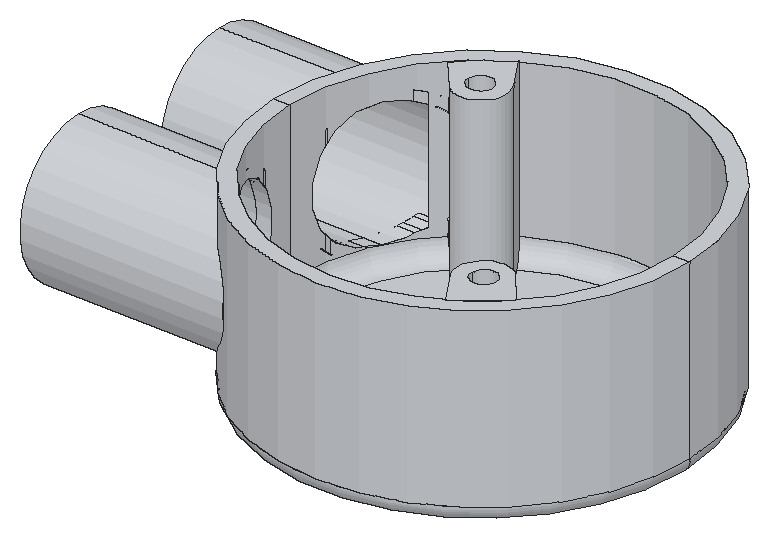
Revit family "PB6B", category Generic Models, Revit 2017
Family settings
  Can host rebar = No
  Round Connector Dimension = Use Diameter
  Part Type = Normal
  Work Plane-Based = Yes
  Always vertical = No
  Cut with Voids When Loaded = No
  Shared = No
  Room Calculation Point = No
Parameters (values of type "NBS Standard Parameters")
  Weight = "0.054Kg"
  WarrantyStartDate [instance] = "1900-12-31T23:59:59"
  WarrantyGuarantorParts = "n/a"
  WarrantyGuarantorLabor = "n/a"
  WarrantyDurationUnit = "1 year"
  WarrantyDurationParts = "n/a"
  WarrantyDurationLabor = "n/a"
  WarrantyDescription = "n/a"
  Version = "1"
  Uniclass2 = "Pr_65_70_11_20"
  TagNumber [instance] = "n/a"
  SustainabilityPerformance = "n/a"
  Size = "20mm"
  Shape = "Circular"
  SerialNumber [instance] = "n/a"
  Revision = "n/a"
  ReplacementCost = "n/a"
  ProductInformation = "www.metpro.co.uk/pdf/pb6w.pdf"
  NominalWidth = 66 mm
  NominalLength = 66 mm
  NominalHeight = 30 mm
  Name = ""
  NBSTypeID = ""
  NBSReference = "90-55-10/460"
  NBSOfficeMasterTag = ""
  NBSNote = ""
  NBSDescription = "Conduit Fittings"
  NBSCertification = ""
  ModelReference = "PB6B"
  ModelNumber = "n/a"
  Material = "PVC"
  ManufacturerURL = "www.metpro.co.uk"
  ManufacturerName = "Metpro Ltd"
  Keynote = "Manufactured to BS4607 Part 1"
  InstallationDate [instance] = "1900-12-31T23:59:59"
  IfcExportType = ""
  IfcExportAs = ""
  Grade = "n/a"
  Finish = "Black"
  Features = "n/a"
  ExpectedLife = "n/a"
  DurationUnit = "year"
  Description = "PB6B - 20mm U PVC Conduit Box"
  Default Elevation = 1219.2 mm
  Constituents = "n/a"
  Color = "n/a"
  CodePerformance = "n/a"
  Category = "n/a"
  BarCode [instance] = "n/a"
  BIMObjectName = "Metpro_metprolibrary_conduitfittings_PVC component_Circularjunctionbox"
  Author = "Metpro Ltd"
  AssetType = ""
  AssetIdentifier [instance] = "n/a"
  AccessibilityPerformance = "n/a"
Reference planes
  plane 1 "Center (Front/Back)": y = 0
  plane 2: z = 0
  plane 3 "Center (Left/Right)": x = 0
Forms (mm)
  Revolve 1, solid
    sketch origin (0, 716.23, -428.054) x (1, 0, 0) y (0, 0, 1)
      loop
        line (-32.5, 40) -> (-32.5, 12.5)
        arc (-32.5, 12.5) -> (-31.768, 10.732) -> (-30, 10) r 2.5
        line (-30, 10) -> (0, 10) -> (0, 12.541) -> (-27, 12.541)
        arc (-27, 12.541) -> (-29.121, 13.42) -> (-30, 15.541) r 3
        line (-30, 15.541) -> (-30, 40) -> (-32.5, 40)
      axis (0, 10) -> (0, 40)
    angle from 0 to 360
  Extrusion 2, void
    sketch origin (0, 716.23, -428.054) x (0, 0, 1) y (0, -1, 0)
      loop
        circle (25.613, 13.75) r 10
      loop
        circle (25.613, -13.75) r 10
    from -52 to -23.403
  Extrusion 3, solid
    sketch origin (0, 716.23, -428.054) x (0, 0, 1) y (0, -1, 0)
      loop
        circle (25.613, 13.75) r 10
      loop
        circle (25.613, -13.75) r 10
      loop
        circle (25.613, -13.75) r 11.5
      loop
        circle (25.613, 13.75) r 11.5
    from -20.38 to -52
  Extrusion 4, solid
    sketch origin (0, 716.23, -388.054) x (0, 1, 0) y (-1, 0, 0)
      loop
        arc (-15.277, -17.303) -> (-15.749, -12.281) -> (-20.76, -11.714) r 4
        line (-20.76, -11.714) -> (-25.958, -15.04)
        arc (-25.958, -15.04) -> (-23.533, -18.606) -> (-20.622, -21.788) r 30
        line (-20.622, -21.788) -> (-15.277, -17.303)
      loop
        circle (-18.691, -15.253) r 1.939
      loop
        arc (15.277, 17.303) -> (15.749, 12.281) -> (20.76, 11.714) r 4
        line (20.76, 11.714) -> (25.958, 15.04)
        arc (25.958, 15.04) -> (23.533, 18.606) -> (20.622, 21.788) r 30
        line (20.622, 21.788) -> (15.277, 17.303)
      loop
        circle (18.691, 15.253) r 1.939
    from 0 to -28
  Extrusion 5, void
    sketch origin (0, 716.23, -388.054) x (-1, 0, 0) y (0, 1, 0)
      loop
        arc (19.601, -22.712) -> (27.277, -12.49) -> (30, 0) r 30
        arc (30, 0) -> (27.872, 11.099) -> (21.788, 20.622) r 30
        line (21.788, 20.622) -> (19.601, 18.015) -> (19.601, -22.712)
    from 0 to 33.729
Cuts and joins
  Extrusion 2 cuts Revolve 1
  Extrusion 2, Extrusion 5 cuts Extrusion 3
  Extrusion 2, Extrusion 5 cuts Extrusion 4
Dimensions and locks
  aligned and locked: level to plane 2
